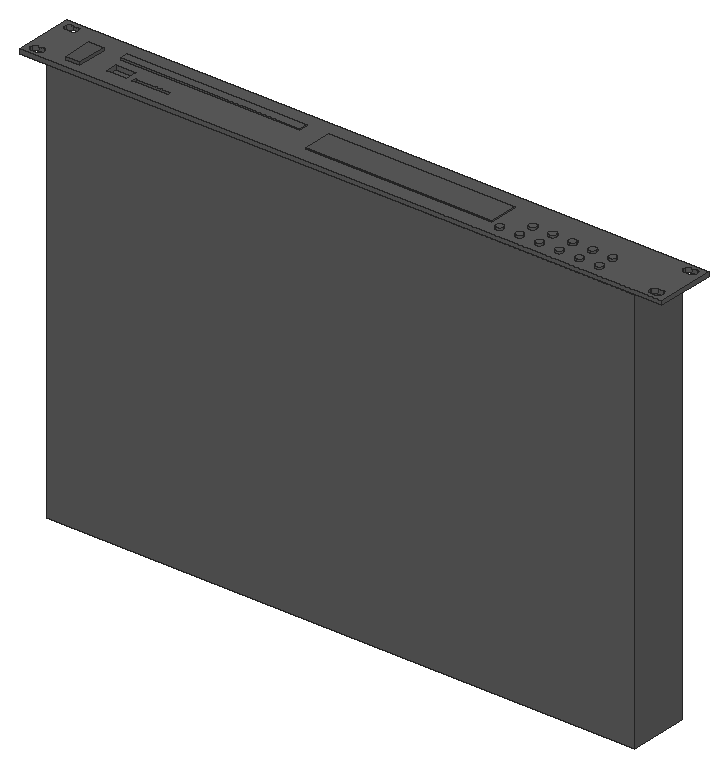
Revit family "1Electronics_Commercial-Audio_Biamp_Versatile-Music-Source_PC1000", category Communication Devices, host Face, Revit 2020
Family settings
  Host = Face
  Maintain Annotation Orientation = No
  Round Connector Dimension = Use Diameter
  Part Type = Normal
  OmniClass Number = 23.85.10.11.14
  OmniClass Title = Audio Equipment
  Cut with Voids When Loaded = No
  Shared = No
  Room Calculation Point = No
Parameters (values of type "PC1000RMKII")
  Unbalanced outputs = "2 x RCA"  # constant formula
  Supported file format = "MP3, WMA"  # constant formula
  Other/digital outputs = "1 x optical + 1 x coaxial"  # constant formula
  Balanced outputs = "2 x XLR"  # constant formula
  Applicable low impedance = "Yes"  # constant formula
  Width = 1' - 7"  # constant formula
  Weight = 9.90 lbf  # constant formula
  Voltage = 230 V  # constant formula
  USB = "32 GB up to 9999 songs"  # constant formula
  URL = "https://www.biamp.com/"
  SD card = "32 GB up to 9999 songs"  # constant formula
  RS232 control = "Yes"  # constant formula
  Product data url = "https://www.bimobject.com/biamp/product/pc1000rmkii_commercial-audio-music-source"
  Product Page URL = "https://www.biamp.com/products/product-families/commercial-audio/music-sources#pc1000rmkii"
  Product Documentation Link = "https://downloads.biamp.com/assets/docs/default-source/data-sheets/biamp_data_sheet_pc1000rmkii_aug20.pdf"
  Power Factor = 1  # constant formula
  Number of Poles = 1  # constant formula
  Model = "PC1000RMKII"  # constant formula
  Max Power Consumption = 0 W  # constant formula
  Manufacturer = "Biamp"  # constant formula
  IR remote included = "Yes"  # constant formula
  Housing Material = Biamp - Metal - Black
  Height = 0' - 1.73228"  # constant formula
  Description = "PC1000RMKII Versatile CD / USB / SD-Card Music Source"  # constant formula
  Depth = 0' - 11.92913"  # constant formula
  Default Elevation = 4' - 0"
  Connector Description = "230VAC / 50-60Hz / 30VA MAX"  # constant formula
  CD = "Yes"  # constant formula
  Apparent Load = Max Power Consumption / Power Factor  # 0 VA
Reference planes (in)
  plane 1 "Center (Front/Back)": y = 0
  plane 2: z = 0
  plane 3 "Center (Left/Right)": x = 0
  plane 4: x = 18.34401
  plane 5: x = 9.17029
  plane 6: y = -0.62113
  plane 7: y = 0.62113
Forms (in)
  Extrusion 1, void
    sketch origin (0, 0, 0) x (1, 0, 0) y (0, 0, 1)
      loop
        line (0.45929, 0) -> (0.45929, -12.16535) -> (17.88129, -12.16535) -> (17.88129, 0) -> (18.67816, 0) -> (18.67816, 0.19685) -> (-0.33759, 0.19685) -> (-0.33759, 0) -> (0.45929, 0)
    from -0.86614 to 0.86614
  Extrusion 2, solid, material "Biamp - Metal - Black" <- "Housing Material", detail levels coarse
    sketch origin (18.34058, 0, 0) x (-1, 0, 0) y (0, 0, 1)
      loop
        line (17.88129, -12.16535) -> (17.88129, 0) -> (18.67816, 0) -> (18.67816, 0.19685) -> (-0.33759, 0.19685) -> (-0.33759, 0) -> (0.45929, 0) -> (0.45929, -12.16535) -> (17.88129, -12.16535)
    from -0.86614 to 0.86614
Lines and regions (in)
  Masking region 1
    outline origin (0, 0, 0) x (1, 0, 0) y (0, 0, 1)
      loop
        line (0.45929, 0) -> (0.45929, -12.16535) -> (17.88129, -12.16535) -> (17.88129, 0) -> (18.67816, 0) -> (18.67816, 0.19685) -> (-0.33759, 0.19685) -> (-0.33759, 0) -> (0.45929, 0)
  Masking region 2
    outline origin (0, 0, 0) x (0, 1, 0) y (0, 0, 1)
      loop
        line (-0.86614, 0.19685) -> (-0.86614, -12.16535) -> (0.86614, -12.16535) -> (0.86614, 0.19685) -> (-0.86614, 0.19685)
  Masking region 3
    outline origin (18.34058, 0, 0) x (-1, 0, 0) y (0, -1, 0)
      loop
        line (18.67816, 0.86614) -> (-0.33759, 0.86614) -> (-0.33759, -0.86614) -> (18.67816, -0.86614) -> (18.67816, 0.86614)
      loop
        line (0.20095, 0.60741) -> (0.20095, 0.65395)
        arc (0.20095, 0.65395) -> (0.15512, 0.73332) -> (0.069, 0.76467) r 0.134
        line (0.069, 0.76467) -> (-0.069, 0.76467)
        arc (-0.069, 0.76467) -> (-0.15512, 0.73332) -> (-0.20095, 0.65395) r 0.134
        line (-0.20095, 0.65395) -> (-0.20095, 0.60741)
        arc (-0.20095, 0.60741) -> (-0.15513, 0.52802) -> (-0.069, 0.49667) r 0.13399
        line (-0.069, 0.49667) -> (0.069, 0.49667)
        arc (0.069, 0.49667) -> (0.15513, 0.52802) -> (0.20095, 0.60741) r 0.13399
      loop
        line (0.069, -0.48715) -> (-0.069, -0.48715)
        arc (-0.069, -0.48715) -> (-0.15512, -0.51849) -> (-0.20095, -0.59787) r 0.134
        line (-0.20095, -0.59787) -> (-0.20095, -0.6444)
        arc (-0.20095, -0.6444) -> (-0.15513, -0.72379) -> (-0.069, -0.75515) r 0.13399
        line (-0.069, -0.75515) -> (0.069, -0.75515)
        arc (0.069, -0.75515) -> (0.15513, -0.72379) -> (0.20095, -0.6444) r 0.13399
        line (0.20095, -0.6444) -> (0.20095, -0.59787)
        arc (0.20095, -0.59787) -> (0.15512, -0.51849) -> (0.069, -0.48715) r 0.134
      loop
        line (18.41301, -0.48715) -> (18.27501, -0.48715)
        arc (18.27501, -0.48715) -> (18.18888, -0.51849) -> (18.14305, -0.59787) r 0.134
        line (18.14305, -0.59787) -> (18.14305, -0.6444)
        arc (18.14305, -0.6444) -> (18.18888, -0.72379) -> (18.27501, -0.75515) r 0.13399
        line (18.27501, -0.75515) -> (18.41301, -0.75515)
        arc (18.41301, -0.75515) -> (18.49913, -0.72382) -> (18.54498, -0.64448) r 0.13402
        line (18.54498, -0.64448) -> (18.54498, -0.59787)
        arc (18.54498, -0.59787) -> (18.49914, -0.51849) -> (18.41301, -0.48715) r 0.13401
      loop
        line (18.54498, 0.60741) -> (18.54498, 0.65395)
        arc (18.54498, 0.65395) -> (18.49914, 0.73332) -> (18.41301, 0.76467) r 0.13401
        line (18.41301, 0.76467) -> (18.27501, 0.76467)
        arc (18.27501, 0.76467) -> (18.18888, 0.73332) -> (18.14305, 0.65395) r 0.134
        line (18.14305, 0.65395) -> (18.14305, 0.60741)
        arc (18.14305, 0.60741) -> (18.18888, 0.52802) -> (18.27501, 0.49667) r 0.13399
        line (18.27501, 0.49667) -> (18.41301, 0.49667)
        arc (18.41301, 0.49667) -> (18.49915, 0.52802) -> (18.54498, 0.60741) r 0.13401
  symbolic lines
    curve 1: line (0.45929, 0, 0) -> (0.45929, 0, -12.16535)
    curve 2: line (0.45929, 0, -12.16535) -> (17.88129, 0, -12.16535)
    curve 3: line (17.88129, 0, -12.16535) -> (17.88129, 0, 0)
    curve 4: line (17.88129, 0, 0) -> (18.67816, 0, 0)
    curve 5: line (18.67816, 0, 0) -> (18.67816, 0, 0.19685)
    curve 6: line (18.67816, 0, 0.19685) -> (-0.33759, 0, 0.19685)
    curve 7: line (-0.33759, 0, 0.19685) -> (-0.33759, 0, 0)
    curve 8: line (-0.33759, 0, 0) -> (0.45929, 0, 0)
    curve 9: line (0.45929, 0, 0) -> (17.88129, 0, 0)
    curve 10: line (0, -0.86614, 0.19685) -> (0, -0.86614, -12.16535)
    curve 11: line (0, -0.86614, -12.16535) -> (0, 0.86614, -12.16535)
    curve 12: line (0, 0.86614, -12.16535) -> (0, 0.86614, 0.19685)
    curve 13: line (0, 0.86614, 0.19685) -> (0, -0.86614, 0.19685)
    curve 14: line (0, -0.86614, 0) -> (0, 0.86614, 0)
    curve 15: line (-0.33759, -0.86614, 0) -> (18.67816, -0.86614, 0)
    curve 16: line (18.67816, -0.86614, 0) -> (18.67816, 0.86614, 0)
    curve 17: line (18.67816, 0.86614, 0) -> (-0.33759, 0.86614, 0)
    curve 18: line (-0.33759, 0.86614, 0) -> (-0.33759, -0.86614, 0)
    curve 19: arc (18.13962, -0.60741, 0) -> (18.18544, -0.52802, 0) -> (18.27158, -0.49667, 0) r 0.13399
    curve 20: line (18.27158, -0.49667, 0) -> (18.40957, -0.49667, 0)
    curve 21: arc (18.40957, -0.49667, 0) -> (18.49571, -0.52802, 0) -> (18.54153, -0.60741, 0) r 0.13399
    curve 22: line (18.54153, -0.60741, 0) -> (18.54153, -0.65395, 0)
    curve 23: arc (18.54153, -0.65395, 0) -> (18.4957, -0.73332, 0) -> (18.40957, -0.76467, 0) r 0.134
    curve 24: line (18.40957, -0.76467, 0) -> (18.27158, -0.76467, 0)
    curve 25: arc (18.27158, -0.76467, 0) -> (18.18545, -0.73332, 0) -> (18.13962, -0.65395, 0) r 0.134
    curve 26: line (18.13962, -0.65395, 0) -> (18.13962, -0.60741, 0)
    curve 27: arc (18.27158, 0.48715, 0) -> (18.18545, 0.51849, 0) -> (18.13962, 0.59787, 0) r 0.134
    curve 28: line (18.13962, 0.59787, 0) -> (18.13962, 0.6444, 0)
    curve 29: arc (18.13962, 0.6444, 0) -> (18.18544, 0.72379, 0) -> (18.27158, 0.75515, 0) r 0.13399
    curve 30: line (18.27158, 0.75515, 0) -> (18.40957, 0.75515, 0)
    curve 31: arc (18.40957, 0.75515, 0) -> (18.49571, 0.72379, 0) -> (18.54153, 0.6444, 0) r 0.13399
    curve 32: line (18.54153, 0.6444, 0) -> (18.54153, 0.59787, 0)
    curve 33: arc (18.54153, 0.59787, 0) -> (18.4957, 0.51849, 0) -> (18.40957, 0.48715, 0) r 0.134
    curve 34: line (18.40957, 0.48715, 0) -> (18.27158, 0.48715, 0)
    curve 35: line (13.29281, -0.43307, 0) -> (13.29281, 0.43307, 0)
    curve 36: line (13.29281, 0.43307, 0) -> (7.781, 0.43307, 0)
    curve 37: line (1.79787, 0.19685, 0) -> (7.11283, 0.19685, 0)
    curve 38: line (7.11283, 0.19685, 0) -> (7.11283, 0.43307, 0)
    curve 39: line (7.11283, 0.43307, 0) -> (1.79787, 0.43307, 0)
    curve 40: line (1.79787, 0.43307, 0) -> (1.79787, 0.19685, 0)
    curve 41: line (0.79393, 0.27559, 0) -> (0.79393, -0.59055, 0)
    curve 42: line (0.79393, -0.59055, 0) -> (1.22701, -0.59055, 0)
    curve 43: line (1.22701, -0.59055, 0) -> (1.22701, 0.27559, 0)
    curve 44: line (1.22701, 0.27559, 0) -> (0.79393, 0.27559, 0)
    curve 45: line (1.87661, -0.43307, 0) -> (1.87661, -0.07874, 0)
    curve 46: line (1.87661, -0.07874, 0) -> (2.46716, -0.07874, 0)
    curve 47: line (2.46716, -0.07874, 0) -> (2.46716, -0.43307, 0)
    curve 48: line (2.46716, -0.43307, 0) -> (1.87661, -0.43307, 0)
    curve 49: line (2.62464, -0.43307, 0) -> (2.62464, -0.27559, 0)
    curve 50: line (2.62464, -0.27559, 0) -> (3.68764, -0.27559, 0)
    curve 51: line (3.68764, -0.27559, 0) -> (3.68764, -0.43307, 0)
    curve 52: line (3.68764, -0.43307, 0) -> (2.62464, -0.43307, 0)
    curve 53: line (-0.07243, -0.49667, 0) -> (0.06557, -0.49667, 0)
    curve 54: arc (0.06557, -0.49667, 0) -> (0.1517, -0.52802, 0) -> (0.19752, -0.60741, 0) r 0.13399
    curve 55: line (0.19752, -0.60741, 0) -> (0.19752, -0.65395, 0)
    curve 56: arc (0.19752, -0.65395, 0) -> (0.15169, -0.73332, 0) -> (0.06557, -0.76467, 0) r 0.134
    curve 57: line (0.06557, -0.76467, 0) -> (-0.07243, -0.76467, 0)
    curve 58: arc (-0.07243, -0.76467, 0) -> (-0.15857, -0.73332, 0) -> (-0.20441, -0.65395, 0) r 0.13401
    curve 59: line (-0.20441, -0.65395, 0) -> (-0.20441, -0.60741, 0)
    curve 60: arc (-0.20441, -0.60741, 0) -> (-0.15858, -0.52802, 0) -> (-0.07243, -0.49667, 0) r 0.13401
    curve 61: line (0.06557, 0.48715, 0) -> (-0.07243, 0.48715, 0)
    curve 62: arc (-0.07243, 0.48715, 0) -> (-0.15857, 0.51849, 0) -> (-0.20441, 0.59787, 0) r 0.13401
    curve 63: line (-0.20441, 0.59787, 0) -> (-0.20441, 0.64448, 0)
    curve 64: arc (-0.20441, 0.64448, 0) -> (-0.15855, 0.72382, 0) -> (-0.07243, 0.75515, 0) r 0.13402
    curve 65: line (-0.07243, 0.75515, 0) -> (0.06557, 0.75515, 0)
    curve 66: arc (0.06557, 0.75515, 0) -> (0.1517, 0.72379, 0) -> (0.19752, 0.6444, 0) r 0.13399
    curve 67: line (0.19752, 0.6444, 0) -> (0.19752, 0.59787, 0)
    curve 68: arc (0.19752, 0.59787, 0) -> (0.15169, 0.51849, 0) -> (0.06557, 0.48715, 0) r 0.134
    curve 69: line (7.781, 0.43307, 0) -> (7.781, -0.43307, 0)
    curve 70: line (7.781, -0.43307, 0) -> (13.29281, -0.43307, 0)
    curve 71: line (13.29281, 0.43307, 0) -> (7.781, 0.43307, 0)
    curve 72: arc (13.7062, -0.52165, 0) -> (13.59793, -0.41339, 0) -> (13.48966, -0.52165, 0) r 0.10827
    curve 73: arc (13.48966, -0.52165, 0) -> (13.59793, -0.62992, 0) -> (13.7062, -0.52165, 0) r 0.10827
    curve 74: arc (14.29675, -0.52165, 0) -> (14.18848, -0.41339, 0) -> (14.08021, -0.52165, 0) r 0.10827
    curve 75: arc (14.08021, -0.52165, 0) -> (14.18848, -0.62992, 0) -> (14.29675, -0.52165, 0) r 0.10827
    curve 76: arc (14.08021, -0.02953, 0) -> (14.18848, -0.1378, 0) -> (14.29675, -0.02953, 0) r 0.10827
    curve 77: arc (14.29675, -0.02953, 0) -> (14.18848, 0.07874, 0) -> (14.08021, -0.02953, 0) r 0.10827
    curve 78: arc (14.67076, -0.02953, 0) -> (14.77903, -0.1378, 0) -> (14.8873, -0.02953, 0) r 0.10827
    curve 79: arc (14.8873, -0.02953, 0) -> (14.77903, 0.07874, 0) -> (14.67076, -0.02953, 0) r 0.10827
    curve 80: arc (14.8873, -0.52165, 0) -> (14.77903, -0.41339, 0) -> (14.67076, -0.52165, 0) r 0.10827
    curve 81: arc (14.67076, -0.52165, 0) -> (14.77903, -0.62992, 0) -> (14.8873, -0.52165, 0) r 0.10827
    curve 82: arc (15.47785, -0.52165, 0) -> (15.36958, -0.41339, 0) -> (15.26132, -0.52165, 0) r 0.10827
    curve 83: arc (15.26132, -0.52165, 0) -> (15.36958, -0.62992, 0) -> (15.47785, -0.52165, 0) r 0.10827
    curve 84: arc (15.26132, -0.02953, 0) -> (15.36958, -0.1378, 0) -> (15.47785, -0.02953, 0) r 0.10827
    curve 85: arc (15.47785, -0.02953, 0) -> (15.36958, 0.07874, 0) -> (15.26132, -0.02953, 0) r 0.10827
    curve 86: arc (15.85187, -0.02953, 0) -> (15.96013, -0.1378, 0) -> (16.0684, -0.02953, 0) r 0.10827
    curve 87: arc (16.0684, -0.02953, 0) -> (15.96013, 0.07874, 0) -> (15.85187, -0.02953, 0) r 0.10827
    curve 88: arc (16.0684, -0.52165, 0) -> (15.96013, -0.41339, 0) -> (15.85187, -0.52165, 0) r 0.10827
    curve 89: arc (15.85187, -0.52165, 0) -> (15.96013, -0.62992, 0) -> (16.0684, -0.52165, 0) r 0.10827
    curve 90: arc (16.65895, -0.52165, 0) -> (16.55069, -0.41339, 0) -> (16.44242, -0.52165, 0) r 0.10827
    curve 91: arc (16.44242, -0.52165, 0) -> (16.55069, -0.62992, 0) -> (16.65895, -0.52165, 0) r 0.10827
    curve 92: arc (16.44242, -0.02953, 0) -> (16.55069, -0.1378, 0) -> (16.65895, -0.02953, 0) r 0.10827
    curve 93: arc (16.65895, -0.02953, 0) -> (16.55069, 0.07874, 0) -> (16.44242, -0.02953, 0) r 0.10827
Dimensions and locks (in)
  aligned and locked: plane 2 to host face
  aligned and locked: level to host face
  aligned and locked: nested 1 to Extrusion 2  (x2)
Nested families (in)
  nested 1: "PC1000RMKII" at (9.17029, -0.86614, -6.02362) x (1, 0, 0) z (0, 1, 0), type "PC1000RMKII", detail levels medium+fine
Connectors (in)
  electrical at (1.7585, 0.27559, -11.65354), driven by "Power Factor", driven by "Number of Poles", driven by "Voltage", driven by "Connector Description", driven by "Max Power Consumption"
    settings: on nested 1, index 28, voltage 230 V, apparent load 0 VA, apparent load phase1 0 VA, apparent load phase2 0 VA, apparent load phase3 0 VA, power factor 1, load classification "Other", number of poles 1, system type 31, power factor state 1, is connector primary yes, connector utility no, sub classification motor no, connector description "230VAC / 50-60Hz / 30VA MAX"
  electrical at (5.53803, -0.19685, -12.16535)
    settings: on nested 1, index 29, voltage 0 V, apparent load 0 VA, apparent load phase1 0 VA, apparent load phase2 0 VA, apparent load phase3 0 VA, power factor 1, load classification "Other", number of poles 1, system type 5, power factor state 1, is connector primary no, connector utility no, sub classification motor no, connector description "RS232; External control"
  electrical at (8.89721, -0.33465, -11.65354)
    settings: on nested 1, index 32, voltage 0 V, apparent load 0 VA, apparent load phase1 0 VA, apparent load phase2 0 VA, apparent load phase3 0 VA, power factor 1, load classification "Other", number of poles 1, system type 5, power factor state 1, is connector primary no, connector utility no, sub classification motor no, connector description "USB"
  electrical at (9.84979, -0.19685, -12.08661)
    settings: on nested 1, index 33, voltage 0 V, apparent load 0 VA, apparent load phase1 0 VA, apparent load phase2 0 VA, apparent load phase3 0 VA, power factor 1, load classification "Other", number of poles 1, system type 5, power factor state 1, is connector primary no, connector utility no, sub classification motor no, connector description "Cinch; Coaxial digital output"
  electrical at (13.66869, -0.19685, -12.08661)
    settings: on nested 1, index 35, voltage 0 V, apparent load 0 VA, apparent load phase1 0 VA, apparent load phase2 0 VA, apparent load phase3 0 VA, power factor 1, load classification "Other", number of poles 1, system type 5, power factor state 1, is connector primary no, connector utility no, sub classification motor no, connector description "Cinch; Unbalanced output R"
  electrical at (13.66869, 0.43307, -12.08661)
    settings: on nested 1, index 36, voltage 0 V, apparent load 0 VA, apparent load phase1 0 VA, apparent load phase2 0 VA, apparent load phase3 0 VA, power factor 1, load classification "Other", number of poles 1, system type 5, power factor state 1, is connector primary no, connector utility no, sub classification motor no, connector description "Cinch; Unbalanced output L"
  electrical at (16.58005, 0.03937, -11.65354)
    settings: on nested 1, index 37, voltage 0 V, apparent load 0 VA, apparent load phase1 0 VA, apparent load phase2 0 VA, apparent load phase3 0 VA, power factor 1, load classification "Other", number of poles 1, system type 5, power factor state 1, is connector primary no, connector utility no, sub classification motor no, connector description "Balanced output; Right channel"
  electrical at (15.00525, 0.03937, -11.65354)
    settings: on nested 1, index 38, voltage 0 V, apparent load 0 VA, apparent load phase1 0 VA, apparent load phase2 0 VA, apparent load phase3 0 VA, power factor 1, load classification "Other", number of poles 1, system type 5, power factor state 1, is connector primary no, connector utility no, sub classification motor no, connector description "Balanced output; Left channel"
  electrical at (2.17189, -0.25591, 0)
    settings: on nested 1, index 39, voltage 0 V, apparent load 0 VA, apparent load phase1 0 VA, apparent load phase2 0 VA, apparent load phase3 0 VA, power factor 1, load classification "Other", number of poles 1, system type 5, power factor state 1, is connector primary no, connector utility no, sub classification motor no, connector description "USB"
  electrical at (6.44354, -0.43307, -11.65354)
    settings: on nested 1, index 40, voltage 0 V, apparent load 0 VA, apparent load phase1 0 VA, apparent load phase2 0 VA, apparent load phase3 0 VA, power factor 1, load classification "Other", number of poles 1, system type 5, power factor state 1, is connector primary no, connector utility no, sub classification motor no, connector description "IR; Input"
Definition of nested family "PC1000RMKII"
  Parameters (values of type "PC1000RMKII")
    Width = 1' - 7.01575"
    URL = "https://www.biamp.com/"
    Temperature Range = ""
    Product data url = ""
    Product Page URL = ""
    Product Documentation Link = ""
    Material Table Mount = none
    Manufacturer = "Biamp"  # constant formula
    Humidity = ""
    Height = 0' - 1.73228"
    Depth = 1' - 0.08661"
    Default Elevation = 4' - 0"
    Altitude = ""
  Reference planes (in)
    plane 1 "Center (Front/Back)": y = 0
    plane 2: z = 0
    plane 3 "Center (Left/Right)": x = 0
    plane 4: z = 1.73228
    plane 5: x = -9.50787
    plane 6: x = 9.50787
    plane 7: y = -6.02362
    plane 8: y = 6.02362
    plane 9: x = -8.711
    plane 10: x = 8.711
    plane 11: y = 5.47244
    plane 12: y = 5.62992
    plane 13: y = 6.06299
    plane 14: y = -6.14173
    plane 15: y = -6.22047
    plane 16: y = 6.14173
    plane 17: y = -6.1811
  Forms (in)
    Extrusion 1, solid
      sketch origin (0, 0, 0) x (1, 0, 0) y (0, 1, 0)
        loop
          line (-48, 48) -> (-48, -48) -> (48, -48) -> (48, 48) -> (-48, 48)
      from 0 to -12
    Extrusion 2, void
      sketch origin (0, -1.67323, -0.00181) x (1, 0, 0) y (0, 0, 1)
        loop
          line (-9.10472, 1.6231) -> (-9.24272, 1.6231)
          arc (-9.24272, 1.6231) -> (-9.32884, 1.59178) -> (-9.37469, 1.51244) r 0.13402
          line (-9.37469, 1.51244) -> (-9.37469, 1.46582)
          arc (-9.37469, 1.46582) -> (-9.32886, 1.38645) -> (-9.24272, 1.3551) r 0.13401
          line (-9.24272, 1.3551) -> (-9.10472, 1.3551)
          arc (-9.10472, 1.3551) -> (-9.0186, 1.38645) -> (-8.97276, 1.46582) r 0.134
          line (-8.97276, 1.46582) -> (-8.97276, 1.51236)
          arc (-8.97276, 1.51236) -> (-9.01859, 1.59175) -> (-9.10472, 1.6231) r 0.13399
        loop
          line (-9.10472, 0.37129) -> (-9.24272, 0.37129)
          arc (-9.24272, 0.37129) -> (-9.32886, 0.33993) -> (-9.37469, 0.26054) r 0.13401
          line (-9.37469, 0.26054) -> (-9.37469, 0.21401)
          arc (-9.37469, 0.21401) -> (-9.32886, 0.13463) -> (-9.24272, 0.10329) r 0.13401
          line (-9.24272, 0.10329) -> (-9.10472, 0.10329)
          arc (-9.10472, 0.10329) -> (-9.0186, 0.13463) -> (-8.97276, 0.21401) r 0.134
          line (-8.97276, 0.21401) -> (-8.97276, 0.26054)
          arc (-8.97276, 0.26054) -> (-9.01859, 0.33993) -> (-9.10472, 0.37129) r 0.13399
        loop
          line (9.23929, 1.6231) -> (9.10129, 1.6231)
          arc (9.10129, 1.6231) -> (9.01516, 1.59175) -> (8.96933, 1.51236) r 0.13399
          line (8.96933, 1.51236) -> (8.96933, 1.46582)
          arc (8.96933, 1.46582) -> (9.01516, 1.38645) -> (9.10129, 1.3551) r 0.134
          line (9.10129, 1.3551) -> (9.23929, 1.3551)
          arc (9.23929, 1.3551) -> (9.32541, 1.38645) -> (9.37124, 1.46582) r 0.134
          line (9.37124, 1.46582) -> (9.37124, 1.51236)
          arc (9.37124, 1.51236) -> (9.32542, 1.59175) -> (9.23929, 1.6231) r 0.13399
        loop
          line (9.23929, 0.37129) -> (9.10129, 0.37129)
          arc (9.10129, 0.37129) -> (9.01516, 0.33993) -> (8.96933, 0.26054) r 0.13399
          line (8.96933, 0.26054) -> (8.96933, 0.21401)
          arc (8.96933, 0.21401) -> (9.01516, 0.13463) -> (9.10129, 0.10329) r 0.134
          line (9.10129, 0.10329) -> (9.23929, 0.10329)
          arc (9.23929, 0.10329) -> (9.32541, 0.13463) -> (9.37124, 0.21401) r 0.134
          line (9.37124, 0.21401) -> (9.37124, 0.26054)
          arc (9.37124, 0.26054) -> (9.32542, 0.33993) -> (9.23929, 0.37129) r 0.13399
      from 4.35039 to 4.4685
    Extrusion 3, solid, material <- "Material Table Mount"
      sketch origin (0, -0.11811, -0.00181) x (1, 0, 0) y (0, 1, 0)
        loop
          line (-9.50787, -6.02362) -> (9.50787, -6.02362) -> (9.50787, -5.90551) -> (-9.50787, -5.90551) -> (-9.50787, -6.02362)
      from 0.00181 to 1.7341
    Extrusion 4, solid, material <- "Material Table Mount"
      sketch origin (-0.37322, 0, 0) x (1, 0, 0) y (0, 1, 0)
        loop
          line (-8.33778, 6.02362) -> (-8.33778, -6.02362) -> (9.08422, -6.02362) -> (9.08422, 6.02362) -> (-8.33778, 6.02362)
      from 0 to 1.73228
    Extrusion 5, void
      sketch origin (0, 0, 0) x (1, 0, 0) y (0, 0, 1)
        loop
          circle (7.40976, 0.90551) r 0.3937
        loop
          circle (5.83496, 0.90551) r 0.3937
        loop
          arc (-7.56927, 1.43701) -> (-7.86454, 1.14173) -> (-7.56927, 0.84646) r 0.29528
          line (-7.56927, 0.84646) -> (-7.25431, 0.84646)
          arc (-7.25431, 0.84646) -> (-6.95903, 1.14173) -> (-7.25431, 1.43701) r 0.29528
          line (-7.25431, 1.43701) -> (-7.56927, 1.43701)
        loop
          circle (-2.72675, 0.43307) r 0.11811
        loop
          line (0.08125, 0.70866) -> (-0.62741, 0.70866) -> (-0.62741, 0.35433) -> (0.08125, 0.35433) -> (0.08125, 0.70866)
        loop
          line (-0.87381, 0.17717) -> (-0.87381, 0.35433) -> (-2.05491, 0.35433) -> (-2.05491, 0.17717) -> (-0.87381, 0.17717)
      from -6.02362 to -5.62992
    Extrusion 6, solid
      sketch origin (4.0247, 0, 0) x (1, 0, 0) y (0, 0, 1)
        loop
          circle (0.4737, 1.29921) r 0.07874
      from -6.06299 to -6.02362
    Extrusion 7, solid, material <- "Material Table Mount"
      sketch origin (0, 0, 0) x (1, 0, 0) y (0, 0, 1)
        loop
          circle (7.3804, 0.34449) r 0.10827
        loop
          circle (7.3804, 0.83661) r 0.10827
        loop
          circle (6.78985, 0.34449) r 0.10827
        loop
          circle (6.78985, 0.83661) r 0.10827
        loop
          circle (6.1993, 0.34449) r 0.10827
        loop
          circle (6.1993, 0.83661) r 0.10827
        loop
          circle (5.60874, 0.34449) r 0.10827
        loop
          circle (5.60874, 0.83661) r 0.10827
        loop
          circle (5.01819, 0.34449) r 0.10827
        loop
          circle (5.01819, 0.83661) r 0.10827
        loop
          circle (4.42764, 0.34449) r 0.10827
      from 6.14173 to 6.1811
    Extrusion 8, solid
      sketch origin (0, 0, 0) x (1, 0, 0) y (0, 0, 1)
        loop
          line (-1.38929, 1.29921) -> (-1.38929, 0.43307) -> (4.12252, 0.43307) -> (4.12252, 1.29921) -> (-1.38929, 1.29921)
      from 6.14173 to 6.1811
    Extrusion 9, solid
      sketch origin (0, 0, 0) x (1, 0, 0) y (0, 0, 1)
        loop
          line (-7.94328, 1.14173) -> (-8.37635, 1.14173) -> (-8.37635, 0.27559) -> (-7.94328, 0.27559) -> (-7.94328, 1.14173)
      from 6.14173 to 6.22047
    Extrusion 10, solid, material <- "Material Table Mount"
      sketch origin (0, 0, 0) x (1, 0, 0) y (0, 0, 1)
        loop
          line (-7.37242, 1.06299) -> (-2.05746, 1.06299) -> (-2.05746, 1.29921) -> (-7.37242, 1.29921) -> (-7.37242, 1.06299)
      from 6.14173 to 6.1811
    Extrusion 11, void
      sketch origin (0, 0, 0) x (1, 0, 0) y (0, 0, 1)
        loop
          line (-7.29368, 0.7874) -> (-7.29368, 0.43307) -> (-6.70312, 0.43307) -> (-6.70312, 0.7874) -> (-7.29368, 0.7874)
        loop
          line (-6.54564, 0.43307) -> (-5.48265, 0.43307) -> (-5.48265, 0.59055) -> (-6.54564, 0.59055) -> (-6.54564, 0.43307)
      from 6.02362 to 6.14173
    Extrusion 12, solid
      sketch origin (4.0247, 0, -0.62992) x (1, 0, 0) y (0, 0, 1)
        loop
          circle (0.4737, 1.29921) r 0.07874
      from -6.06299 to -6.02362
    Extrusion 13, solid
      sketch origin (1.78061, 0, -0.62992) x (1, 0, 0) y (0, 0, 1)
        loop
          circle (0.4737, 1.29921) r 0.07874
      from -6.06299 to -6.02362
    Extrusion 14, solid
      sketch origin (0.20581, 0, -0.62992) x (1, 0, 0) y (0, 0, 1)
        loop
          circle (0.4737, 1.29921) r 0.07874
      from -6.06299 to -6.02362
    Extrusion 15, solid
      sketch origin (0, 0, 0) x (1, 0, 0) y (0, 0, 1)
        loop
          circle (3.37635, 0.88583) r 0.21654
      from -6.14173 to -6.02362
    Extrusion 16, solid
      sketch origin (0, 0, 0) x (1, 0, 0) y (0, 0, 1)
        loop
          line (-3.27793, 0.90551) -> (-3.98659, 0.90551) -> (-3.98659, 0.43307) -> (-3.27793, 0.43307) -> (-3.27793, 0.90551)
      from -6.14173 to -6.02362
    Extrusion 17, solid
      sketch origin (0, 0, 0) x (1, 0, 0) y (0, 0, 1)
        loop
          circle (-5.69919, 1.04331) r 0.33465
      from -6.06299 to -6.02362
  Cuts and joins
    Extrusion 2, Extrusion 5, Extrusion 11 cuts Extrusion 3
    Extrusion 5, Extrusion 11 cuts Extrusion 4
  Dimensions and locks (in)
    equal spacing: plane 8, plane 1 "Center (Front/Back)", plane 7
    locked: plane 5 to plane 9 at 0.79687
    locked: plane 10 to plane 6 at 0.79687
    locked: plane 8 to plane 11 at 0.55118
    plane 13 to plane 8 = 0' - 0.03937"
    "Height": plane 2 to plane 4
    "Depth": plane 13 to plane 7
    "Width": plane 5 to plane 6
    plane 14 to plane 17 to plane 15 = 0' - 0.03937" locked, 0' - 0.03937" locked
    aligned and locked: plane 2 to Extrusion 1
    aligned and locked: level to Extrusion 1
    aligned and locked: Extrusion 3 to plane 2
    aligned and locked: plane 4 to Extrusion 3
    aligned and locked: Extrusion 4 sketch curve to plane 8
    aligned and locked: cut or joined group of Extrusion 2, Extrusion 3, Extrusion 5, Extrusion 11 to Extrusion 4 sketch curve
    aligned and locked: plane 9 to Extrusion 4
    aligned and locked: plane 10 to Extrusion 4
    aligned and locked: Extrusion 4 to plane 2
    aligned and locked: plane 4 to Extrusion 4
    aligned and locked: plane 13 to Extrusion 6
    aligned and locked: Extrusion 6 to plane 8
    aligned and locked: plane 14 to cut or joined group of Extrusion 2, Extrusion 3, Extrusion 5, Extrusion 11
    aligned and locked: plane 14 to Extrusion 7
    aligned and locked: plane 14 to Extrusion 8
    aligned and locked: plane 14 to Extrusion 9
    aligned and locked: Extrusion 9 to plane 15
    aligned and locked: Extrusion 7 to plane 17
    aligned and locked: Extrusion 8 to Extrusion 7
    aligned and locked: plane 14 to Extrusion 10
    aligned and locked: Extrusion 10 to plane 17
    aligned and locked: Extrusion 2 to Extrusion 11
    aligned and locked: cut or joined group of Extrusion 4, Extrusion 5, Extrusion 11 to plane 12
    aligned and locked: plane 16 to Extrusion 15
    aligned and locked: Extrusion 15 to plane 8
    aligned and locked: plane 16 to Extrusion 16
    aligned and locked: Extrusion 16 to plane 8
    aligned and locked: Extrusion 17 to plane 8
    aligned and locked: plane 13 to Extrusion 17
  Automatic sketch dimensions
    Extrusion 1 sketch curve to Extrusion 1 sketch curve = 8' - 0"  (x2)
    Extrusion 2 sketch curve to plane 5 = 0' - 0.13318"  (x2)
    Extrusion 2 sketch curve to Extrusion 2 sketch curve = 0' - 0.13197"  (x2)
    level to Extrusion 2 sketch curve = 0' - 0.10147"  (x2)
    Extrusion 2 sketch curve to Extrusion 2 sketch curve = 0' - 0"  (x15)
    Extrusion 2 sketch curve to Extrusion 2 sketch curve = 0' - 0.138"  (x2)
    Extrusion 2 sketch curve to Extrusion 2 sketch curve = 0' - 0.13196"  (x6)
    plane 10 to Extrusion 2 sketch curve = 0' - 0.25833"  (x2)
    Extrusion 2 sketch curve to plane 4 = 0' - 0.111"
    Extrusion 2 sketch curve to Extrusion 2 sketch curve = 0' - 0.13799"  (x2)
    Extrusion 2 sketch curve to Extrusion 2 sketch curve = 0' - 0.11072"  (x8)
    Extrusion 2 sketch curve to Extrusion 2 sketch curve = 0' - 0.04654"  (x3)
    Extrusion 2 sketch curve to plane 4 = 0' - 0.37899"
    Extrusion 2 sketch curve to Extrusion 2 sketch curve = 0' - 0.268"
    Extrusion 2 sketch curve to Extrusion 2 sketch curve = 0' - 0.00004"
    Extrusion 3 sketch curve to plane 5 = 0' - 0"
    Extrusion 3 sketch curve to plane 6 = 0' - 0"
    Extrusion 3 sketch curve to plane 14 = 0' - 0"
    Extrusion 3 sketch curve to plane 7 = 0' - 0"
    Extrusion 4 sketch curve to plane 9 = 0' - 0"
    Extrusion 4 sketch curve to plane 10 = 0' - 0"
    Extrusion 6 sketch curve to plane 4 = 0' - 0.43307"
    Extrusion 6 sketch curve to plane 10 = 0' - 4.2126"
    level to Extrusion 7 sketch curve = 0' - 0.34449"  (x6)
    Extrusion 7 sketch curve to plane 10 = 0' - 4.28336"
    Extrusion 7 sketch curve to Extrusion 7 sketch curve = 0' - 0.59055"  (x5)
    Extrusion 7 sketch curve to Extrusion 7 sketch curve = 0' - 0"  (x5)
    Extrusion 7 sketch curve to Extrusion 7 sketch curve = 0' - 0.49213"  (x5)
    level to Extrusion 8 sketch curve = 0' - 0.43307"
    Extrusion 8 sketch curve to plane 3 "Center (Left/Right)" = 0' - 1.38929"
    Extrusion 8 sketch curve to plane 4 = 0' - 0.43307"
    plane 3 "Center (Left/Right)" to Extrusion 8 sketch curve = 0' - 4.12252"
    Extrusion 9 sketch curve to plane 9 = 0' - 0.33465"
    Extrusion 9 sketch curve to Extrusion 9 sketch curve = 0' - 0.43307"
    level to Extrusion 9 sketch curve = 0' - 0.27559"
    Extrusion 9 sketch curve to plane 4 = 0' - 0.59055"
    Extrusion 10 sketch curve to plane 4 = 0' - 0.66929"
    Extrusion 10 sketch curve to plane 9 = 0' - 1.33858"
    Extrusion 10 sketch curve to plane 3 "Center (Left/Right)" = 0' - 2.05746"
    Extrusion 10 sketch curve to Extrusion 10 sketch curve = 0' - 0.23622"
    level to Extrusion 11 sketch curve = 0' - 0.43307"  (x2)
    Extrusion 11 sketch curve to plane 9 = 0' - 1.41732"
    Extrusion 11 sketch curve to Extrusion 11 sketch curve = 0' - 0.59055"
    Extrusion 11 sketch curve to Extrusion 11 sketch curve = 0' - 0.15748"  (x2)
    Extrusion 11 sketch curve to Extrusion 11 sketch curve = 0' - 1.06299"
    Extrusion 11 sketch curve to Extrusion 11 sketch curve = 0' - 0.19685"
    level to Extrusion 12 sketch curve = 0' - 0.66929"
    Extrusion 12 sketch curve to plane 10 = 0' - 4.2126"
    level to Extrusion 13 sketch curve = 0' - 0.66929"
    plane 3 "Center (Left/Right)" to Extrusion 13 sketch curve = 0' - 2.25431"
    plane 3 "Center (Left/Right)" to Extrusion 14 sketch curve = 0' - 0.6795"
    level to Extrusion 14 sketch curve = 0' - 0.66929"
    Extrusion 15 sketch curve to plane 4 = 0' - 0.84646"
    plane 3 "Center (Left/Right)" to Extrusion 15 sketch curve = 0' - 3.37635"
    Extrusion 16 sketch curve to plane 4 = 0' - 0.82677"
    Extrusion 16 sketch curve to plane 3 "Center (Left/Right)" = 0' - 3.98659"
    Extrusion 16 sketch curve to Extrusion 16 sketch curve = 0' - 0.70866"
    level to Extrusion 16 sketch curve = 0' - 0.43307"
    Extrusion 17 sketch curve to plane 4 = 0' - 0.68898"
    Extrusion 17 sketch curve to plane 9 = 0' - 3.01181"
    Extrusion 5 sketch curve to plane 9 = 0' - 1.14173"
    Extrusion 5 sketch curve to Extrusion 5 sketch curve = 0' - 0.31496"
    level to Extrusion 5 sketch curve = 0' - 0.43307"
    Extrusion 5 sketch curve to plane 3 "Center (Left/Right)" = 0' - 2.72675"
    Extrusion 5 sketch curve to Extrusion 5 sketch curve = 0' - 0.67184"
    level to Extrusion 5 sketch curve = 0' - 0.35433"
    Extrusion 5 sketch curve to plane 3 "Center (Left/Right)" = 0' - 0.87381"
    Extrusion 5 sketch curve to Extrusion 5 sketch curve = 0' - 0.2464"
    plane 3 "Center (Left/Right)" to Extrusion 5 sketch curve = 0' - 0.08125"
    Extrusion 5 sketch curve to plane 10 = 0' - 2.87604"
    Extrusion 5 sketch curve to plane 10 = 0' - 1.30124"
    Extrusion 5 sketch curve to Extrusion 5 sketch curve = 0' - 0.17717"
    Extrusion 5 sketch curve to Extrusion 5 sketch curve = 0' - 0"
    Extrusion 5 sketch curve to Extrusion 5 sketch curve = 0' - 0.35433"
    level to Extrusion 5 sketch curve = 0' - 0.90551"
    level to Extrusion 5 sketch curve = 0' - 0.84646"
    Extrusion 5 sketch curve to Extrusion 5 sketch curve = 0' - 0.29528"
    Extrusion 5 sketch curve to plane 4 = 0' - 0.82677"
    radius of Extrusion 6 sketch curve = 0' - 0.07874"
    radius of Extrusion 7 sketch curve = 0' - 0.10827"  (x11)
    radius of Extrusion 12 sketch curve = 0' - 0.07874"
    radius of Extrusion 13 sketch curve = 0' - 0.07874"
    radius of Extrusion 14 sketch curve = 0' - 0.07874"
    radius of Extrusion 15 sketch curve = 0' - 0.21654"
    radius of Extrusion 17 sketch curve = 0' - 0.33465"
    radius of Extrusion 5 sketch curve = 0' - 0.3937"  (x2)
    radius of Extrusion 5 sketch curve = 0' - 0.11811"
